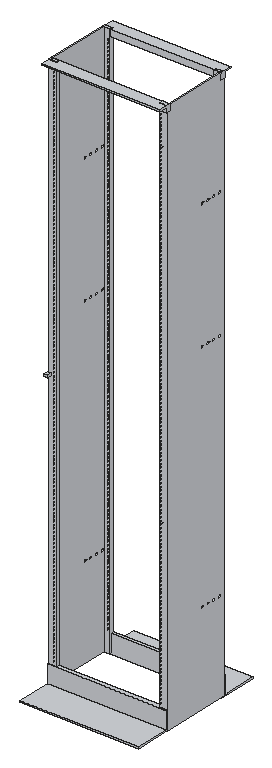
Revit family
Parameters
  Material ID = "760090167\r\n760090167"
  Description = "12 in (305 mm) Channel x 8ft (2438 mm) H - 19 in (482.6 mm) Steel Equipment Rack (52U) 3/8 Sq Punch, Black"
Reference planes (in)
  plane 1 "Center (Front/Back)": y = 0
  plane 2: z = 0
  plane 3 "Center (Left/Right)": x = 0
Forms (in)
  Extrusion 1, solid, not visible
    sketch origin (0, -14.305, 0) x (1, 0, 0) y (0, 0, 1)
      loop
        line (-8.5516, 0.86) -> (-8.5516, 0.46) -> (-7.9516, 0.46) -> (-7.9516, 0.86) -> (-8.5516, 0.86)
    from 0 to 0.77696
  Extrusion 2, solid
    sketch origin (0, 0, -0.75) x (1, 0, 0) y (0, 0, 1)
      loop
        line (-10.155, 48) -> (-10.155, -48) -> (10.155, -48) -> (10.155, 48) -> (0, 48) -> (-10.155, 48)
    from 0 to 12
  Extrusion 3, void
    sketch origin (0, 0, 0) x (1, 0, 0) y (0, 0, 1)
      loop
        line (-8.905, 52.735) -> (-8.905, -50.62) -> (8.905, -50.62) -> (8.905, 52.735) -> (-8.905, 52.735)
    from 0 to 36
  Extrusion 4, solid
    sketch origin (0, 0, 0) x (0, 1, 0) y (0, 0, 1)
      loop
        line (-11.5, -48.75) -> (-11.5, -45.55) -> (-12.2, -45.55) -> (-12.2, -48.55) -> (-18.2, -48.55) -> (-18.2, -48.75) -> (-11.5, -48.75)
      loop
        line (-11.5, 47.25) -> (-13.575, 47.25) -> (-13.575, 47.05) -> (-12.2, 47.05) -> (-12.2, 46.19396) -> (-11.5, 46.19396) -> (-11.5, 47.25)
      loop
        line (-0.65329, 47.25) -> (-0.65329, 46.19396) -> (0.2, 46.19396) -> (0.2, 47.05) -> (1.575, 47.05) -> (1.575, 47.25) -> (-0.65329, 47.25)
      loop
        line (-0.39397, -48.75) -> (6.2, -48.75) -> (6.2, -48.55) -> (0.2, -48.55) -> (0.2, -45.55) -> (-0.39397, -45.55) -> (-0.39397, -48.75)
    from -10.155 to 10.155
  Extrusion 5, void
    sketch origin (0, 0, 0) x (0, 1, 0) y (0, 0, 1)
      loop
        circle (-3.375, -33) r 0.335
      loop
        circle (-4.625, -33) r 0.335
      loop
        circle (-3.375, 7) r 0.335
      loop
        circle (-4.625, 7) r 0.335
      loop
        circle (-3.375, 29) r 0.335
      loop
        circle (-4.625, 29) r 0.335
      loop
        circle (-0.875, -33) r 0.335
      loop
        circle (-2.125, -33) r 0.335
      loop
        circle (-0.875, 7) r 0.335
      loop
        circle (-2.125, 7) r 0.335
      loop
        circle (-0.875, 29) r 0.335
      loop
        circle (-2.125, 29) r 0.335
    from -24.88707 to 25.18322
  Extrusion 6, void
    sketch origin (0, 0, -96.25) x (1, 0, 0) y (0, 0, 1)
      loop
        line (-9.26547, 51.35423) -> (-9.26547, 51.17583) -> (-9.08559, 51.17583) -> (-9.08559, 51.35423) -> (-9.26547, 51.35423)
      loop
        line (-9.26547, 51.98423) -> (-9.26547, 51.80583) -> (-9.08559, 51.80583) -> (-9.08559, 51.98423) -> (-9.26547, 51.98423)
      loop
        line (-9.26547, 52.61423) -> (-9.26547, 52.43583) -> (-9.08559, 52.43583) -> (-9.08559, 52.61423) -> (-9.26547, 52.61423)
      loop
        line (9.08434, 51.35423) -> (9.08434, 51.17583) -> (9.26422, 51.17583) -> (9.26422, 51.35423) -> (9.08434, 51.35423)
      loop
        line (9.08434, 51.98423) -> (9.08434, 51.80583) -> (9.26422, 51.80583) -> (9.26422, 51.98423) -> (9.08434, 51.98423)
      loop
        line (9.08434, 52.61423) -> (9.08434, 52.43583) -> (9.26422, 52.43583) -> (9.26422, 52.61423) -> (9.08434, 52.61423)
    from 0 to 12
  Extrusion 7, void
    sketch origin (0, -12, 47.25) x (1, 0, 0) y (0, -1, 0)
      loop
        line (-9.92376, -11.5) -> (9.88674, -11.5) -> (9.88674, -0.5) -> (-9.92376, -0.5) -> (-9.92376, -11.5)
    from 0 to 103.50785
  Extrusion 8, void
    sketch origin (0, 0, -94.5) x (1, 0, 0) y (0, 0, 1)
      loop
        line (-9.26547, 51.35423) -> (-9.26547, 51.17583) -> (-9.08559, 51.17583) -> (-9.08559, 51.35423) -> (-9.26547, 51.35423)
      loop
        line (-9.26547, 51.98423) -> (-9.26547, 51.80583) -> (-9.08559, 51.80583) -> (-9.08559, 51.98423) -> (-9.26547, 51.98423)
      loop
        line (-9.26547, 52.61423) -> (-9.26547, 52.43583) -> (-9.08559, 52.43583) -> (-9.08559, 52.61423) -> (-9.26547, 52.61423)
      loop
        line (9.08434, 51.35423) -> (9.08434, 51.17583) -> (9.26422, 51.17583) -> (9.26422, 51.35423) -> (9.08434, 51.35423)
      loop
        line (9.08434, 51.98423) -> (9.08434, 51.80583) -> (9.26422, 51.80583) -> (9.26422, 51.98423) -> (9.08434, 51.98423)
      loop
        line (9.08434, 52.61423) -> (9.08434, 52.43583) -> (9.26422, 52.43583) -> (9.26422, 52.61423) -> (9.08434, 52.61423)
    from 0 to 12
  Extrusion 9, void
    sketch origin (0, 0, -92.75) x (1, 0, 0) y (0, 0, 1)
      loop
        line (-9.26547, 51.35423) -> (-9.26547, 51.17583) -> (-9.08559, 51.17583) -> (-9.08559, 51.35423) -> (-9.26547, 51.35423)
      loop
        line (-9.26547, 51.98423) -> (-9.26547, 51.80583) -> (-9.08559, 51.80583) -> (-9.08559, 51.98423) -> (-9.26547, 51.98423)
      loop
        line (-9.26547, 52.61423) -> (-9.26547, 52.43583) -> (-9.08559, 52.43583) -> (-9.08559, 52.61423) -> (-9.26547, 52.61423)
      loop
        line (9.08434, 51.35423) -> (9.08434, 51.17583) -> (9.26422, 51.17583) -> (9.26422, 51.35423) -> (9.08434, 51.35423)
      loop
        line (9.08434, 51.98423) -> (9.08434, 51.80583) -> (9.26422, 51.80583) -> (9.26422, 51.98423) -> (9.08434, 51.98423)
      loop
        line (9.08434, 52.61423) -> (9.08434, 52.43583) -> (9.26422, 52.43583) -> (9.26422, 52.61423) -> (9.08434, 52.61423)
    from 0 to 12
  Extrusion 10, void
    sketch origin (0, 0, -91) x (1, 0, 0) y (0, 0, 1)
      loop
        line (-9.26547, 51.35423) -> (-9.26547, 51.17583) -> (-9.08559, 51.17583) -> (-9.08559, 51.35423) -> (-9.26547, 51.35423)
      loop
        line (-9.26547, 51.98423) -> (-9.26547, 51.80583) -> (-9.08559, 51.80583) -> (-9.08559, 51.98423) -> (-9.26547, 51.98423)
      loop
        line (-9.26547, 52.61423) -> (-9.26547, 52.43583) -> (-9.08559, 52.43583) -> (-9.08559, 52.61423) -> (-9.26547, 52.61423)
      loop
        line (9.08434, 51.35423) -> (9.08434, 51.17583) -> (9.26422, 51.17583) -> (9.26422, 51.35423) -> (9.08434, 51.35423)
      loop
        line (9.08434, 51.98423) -> (9.08434, 51.80583) -> (9.26422, 51.80583) -> (9.26422, 51.98423) -> (9.08434, 51.98423)
      loop
        line (9.08434, 52.61423) -> (9.08434, 52.43583) -> (9.26422, 52.43583) -> (9.26422, 52.61423) -> (9.08434, 52.61423)
    from 0 to 12
  Extrusion 11, void
    sketch origin (0, 0, -89.25) x (1, 0, 0) y (0, 0, 1)
      loop
        line (-9.26547, 51.35423) -> (-9.26547, 51.17583) -> (-9.08559, 51.17583) -> (-9.08559, 51.35423) -> (-9.26547, 51.35423)
      loop
        line (-9.26547, 51.98423) -> (-9.26547, 51.80583) -> (-9.08559, 51.80583) -> (-9.08559, 51.98423) -> (-9.26547, 51.98423)
      loop
        line (-9.26547, 52.61423) -> (-9.26547, 52.43583) -> (-9.08559, 52.43583) -> (-9.08559, 52.61423) -> (-9.26547, 52.61423)
      loop
        line (9.08434, 51.35423) -> (9.08434, 51.17583) -> (9.26422, 51.17583) -> (9.26422, 51.35423) -> (9.08434, 51.35423)
      loop
        line (9.08434, 51.98423) -> (9.08434, 51.80583) -> (9.26422, 51.80583) -> (9.26422, 51.98423) -> (9.08434, 51.98423)
      loop
        line (9.08434, 52.61423) -> (9.08434, 52.43583) -> (9.26422, 52.43583) -> (9.26422, 52.61423) -> (9.08434, 52.61423)
    from 0 to 12
  Extrusion 12, void
    sketch origin (0, 0, -87.5) x (1, 0, 0) y (0, 0, 1)
      loop
        line (-9.26547, 51.35423) -> (-9.26547, 51.17583) -> (-9.08559, 51.17583) -> (-9.08559, 51.35423) -> (-9.26547, 51.35423)
      loop
        line (-9.26547, 51.98423) -> (-9.26547, 51.80583) -> (-9.08559, 51.80583) -> (-9.08559, 51.98423) -> (-9.26547, 51.98423)
      loop
        line (-9.26547, 52.61423) -> (-9.26547, 52.43583) -> (-9.08559, 52.43583) -> (-9.08559, 52.61423) -> (-9.26547, 52.61423)
      loop
        line (9.08434, 51.35423) -> (9.08434, 51.17583) -> (9.26422, 51.17583) -> (9.26422, 51.35423) -> (9.08434, 51.35423)
      loop
        line (9.08434, 51.98423) -> (9.08434, 51.80583) -> (9.26422, 51.80583) -> (9.26422, 51.98423) -> (9.08434, 51.98423)
      loop
        line (9.08434, 52.61423) -> (9.08434, 52.43583) -> (9.26422, 52.43583) -> (9.26422, 52.61423) -> (9.08434, 52.61423)
    from 0 to 12
  Extrusion 13, void
    sketch origin (0, 0, -85.75) x (1, 0, 0) y (0, 0, 1)
      loop
        line (-9.26547, 51.35423) -> (-9.26547, 51.17583) -> (-9.08559, 51.17583) -> (-9.08559, 51.35423) -> (-9.26547, 51.35423)
      loop
        line (-9.26547, 51.98423) -> (-9.26547, 51.80583) -> (-9.08559, 51.80583) -> (-9.08559, 51.98423) -> (-9.26547, 51.98423)
      loop
        line (-9.26547, 52.61423) -> (-9.26547, 52.43583) -> (-9.08559, 52.43583) -> (-9.08559, 52.61423) -> (-9.26547, 52.61423)
      loop
        line (9.08434, 51.35423) -> (9.08434, 51.17583) -> (9.26422, 51.17583) -> (9.26422, 51.35423) -> (9.08434, 51.35423)
      loop
        line (9.08434, 51.98423) -> (9.08434, 51.80583) -> (9.26422, 51.80583) -> (9.26422, 51.98423) -> (9.08434, 51.98423)
      loop
        line (9.08434, 52.61423) -> (9.08434, 52.43583) -> (9.26422, 52.43583) -> (9.26422, 52.61423) -> (9.08434, 52.61423)
    from 0 to 12
  Extrusion 14, void
    sketch origin (0, 0, -84) x (1, 0, 0) y (0, 0, 1)
      loop
        line (-9.26547, 51.35423) -> (-9.26547, 51.17583) -> (-9.08559, 51.17583) -> (-9.08559, 51.35423) -> (-9.26547, 51.35423)
      loop
        line (-9.26547, 51.98423) -> (-9.26547, 51.80583) -> (-9.08559, 51.80583) -> (-9.08559, 51.98423) -> (-9.26547, 51.98423)
      loop
        line (-9.26547, 52.61423) -> (-9.26547, 52.43583) -> (-9.08559, 52.43583) -> (-9.08559, 52.61423) -> (-9.26547, 52.61423)
      loop
        line (9.08434, 51.35423) -> (9.08434, 51.17583) -> (9.26422, 51.17583) -> (9.26422, 51.35423) -> (9.08434, 51.35423)
      loop
        line (9.08434, 51.98423) -> (9.08434, 51.80583) -> (9.26422, 51.80583) -> (9.26422, 51.98423) -> (9.08434, 51.98423)
      loop
        line (9.08434, 52.61423) -> (9.08434, 52.43583) -> (9.26422, 52.43583) -> (9.26422, 52.61423) -> (9.08434, 52.61423)
    from 0 to 12
  Extrusion 15, void
    sketch origin (0, 0, -82.25) x (1, 0, 0) y (0, 0, 1)
      loop
        line (-9.26547, 51.35423) -> (-9.26547, 51.17583) -> (-9.08559, 51.17583) -> (-9.08559, 51.35423) -> (-9.26547, 51.35423)
      loop
        line (-9.26547, 51.98423) -> (-9.26547, 51.80583) -> (-9.08559, 51.80583) -> (-9.08559, 51.98423) -> (-9.26547, 51.98423)
      loop
        line (-9.26547, 52.61423) -> (-9.26547, 52.43583) -> (-9.08559, 52.43583) -> (-9.08559, 52.61423) -> (-9.26547, 52.61423)
      loop
        line (9.08434, 51.35423) -> (9.08434, 51.17583) -> (9.26422, 51.17583) -> (9.26422, 51.35423) -> (9.08434, 51.35423)
      loop
        line (9.08434, 51.98423) -> (9.08434, 51.80583) -> (9.26422, 51.80583) -> (9.26422, 51.98423) -> (9.08434, 51.98423)
      loop
        line (9.08434, 52.61423) -> (9.08434, 52.43583) -> (9.26422, 52.43583) -> (9.26422, 52.61423) -> (9.08434, 52.61423)
    from 0 to 12
  Extrusion 16, void
    sketch origin (0, 0, -80.5) x (1, 0, 0) y (0, 0, 1)
      loop
        line (-9.26547, 51.35423) -> (-9.26547, 51.17583) -> (-9.08559, 51.17583) -> (-9.08559, 51.35423) -> (-9.26547, 51.35423)
      loop
        line (-9.26547, 51.98423) -> (-9.26547, 51.80583) -> (-9.08559, 51.80583) -> (-9.08559, 51.98423) -> (-9.26547, 51.98423)
      loop
        line (-9.26547, 52.61423) -> (-9.26547, 52.43583) -> (-9.08559, 52.43583) -> (-9.08559, 52.61423) -> (-9.26547, 52.61423)
      loop
        line (9.08434, 51.35423) -> (9.08434, 51.17583) -> (9.26422, 51.17583) -> (9.26422, 51.35423) -> (9.08434, 51.35423)
      loop
        line (9.08434, 51.98423) -> (9.08434, 51.80583) -> (9.26422, 51.80583) -> (9.26422, 51.98423) -> (9.08434, 51.98423)
      loop
        line (9.08434, 52.61423) -> (9.08434, 52.43583) -> (9.26422, 52.43583) -> (9.26422, 52.61423) -> (9.08434, 52.61423)
    from 0 to 12
  Extrusion 17, void
    sketch origin (0, 0, -78.75) x (1, 0, 0) y (0, 0, 1)
      loop
        line (-9.26547, 51.35423) -> (-9.26547, 51.17583) -> (-9.08559, 51.17583) -> (-9.08559, 51.35423) -> (-9.26547, 51.35423)
      loop
        line (-9.26547, 51.98423) -> (-9.26547, 51.80583) -> (-9.08559, 51.80583) -> (-9.08559, 51.98423) -> (-9.26547, 51.98423)
      loop
        line (-9.26547, 52.61423) -> (-9.26547, 52.43583) -> (-9.08559, 52.43583) -> (-9.08559, 52.61423) -> (-9.26547, 52.61423)
      loop
        line (9.08434, 51.35423) -> (9.08434, 51.17583) -> (9.26422, 51.17583) -> (9.26422, 51.35423) -> (9.08434, 51.35423)
      loop
        line (9.08434, 51.98423) -> (9.08434, 51.80583) -> (9.26422, 51.80583) -> (9.26422, 51.98423) -> (9.08434, 51.98423)
      loop
        line (9.08434, 52.61423) -> (9.08434, 52.43583) -> (9.26422, 52.43583) -> (9.26422, 52.61423) -> (9.08434, 52.61423)
    from 0 to 12
  Extrusion 18, void
    sketch origin (0, 0, -77) x (1, 0, 0) y (0, 0, 1)
      loop
        line (-9.26547, 51.35423) -> (-9.26547, 51.17583) -> (-9.08559, 51.17583) -> (-9.08559, 51.35423) -> (-9.26547, 51.35423)
      loop
        line (-9.26547, 51.98423) -> (-9.26547, 51.80583) -> (-9.08559, 51.80583) -> (-9.08559, 51.98423) -> (-9.26547, 51.98423)
      loop
        line (-9.26547, 52.61423) -> (-9.26547, 52.43583) -> (-9.08559, 52.43583) -> (-9.08559, 52.61423) -> (-9.26547, 52.61423)
      loop
        line (9.08434, 51.35423) -> (9.08434, 51.17583) -> (9.26422, 51.17583) -> (9.26422, 51.35423) -> (9.08434, 51.35423)
      loop
        line (9.08434, 51.98423) -> (9.08434, 51.80583) -> (9.26422, 51.80583) -> (9.26422, 51.98423) -> (9.08434, 51.98423)
      loop
        line (9.08434, 52.61423) -> (9.08434, 52.43583) -> (9.26422, 52.43583) -> (9.26422, 52.61423) -> (9.08434, 52.61423)
    from 0 to 12
  Extrusion 19, void
    sketch origin (0, 0, -75.25) x (1, 0, 0) y (0, 0, 1)
      loop
        line (-9.26547, 51.35423) -> (-9.26547, 51.17583) -> (-9.08559, 51.17583) -> (-9.08559, 51.35423) -> (-9.26547, 51.35423)
      loop
        line (-9.26547, 51.98423) -> (-9.26547, 51.80583) -> (-9.08559, 51.80583) -> (-9.08559, 51.98423) -> (-9.26547, 51.98423)
      loop
        line (-9.26547, 52.61423) -> (-9.26547, 52.43583) -> (-9.08559, 52.43583) -> (-9.08559, 52.61423) -> (-9.26547, 52.61423)
      loop
        line (9.08434, 51.35423) -> (9.08434, 51.17583) -> (9.26422, 51.17583) -> (9.26422, 51.35423) -> (9.08434, 51.35423)
      loop
        line (9.08434, 51.98423) -> (9.08434, 51.80583) -> (9.26422, 51.80583) -> (9.26422, 51.98423) -> (9.08434, 51.98423)
      loop
        line (9.08434, 52.61423) -> (9.08434, 52.43583) -> (9.26422, 52.43583) -> (9.26422, 52.61423) -> (9.08434, 52.61423)
    from 0 to 12
  Extrusion 20, void
    sketch origin (0, 0, -73.5) x (1, 0, 0) y (0, 0, 1)
      loop
        line (-9.26547, 51.35423) -> (-9.26547, 51.17583) -> (-9.08559, 51.17583) -> (-9.08559, 51.35423) -> (-9.26547, 51.35423)
      loop
        line (-9.26547, 51.98423) -> (-9.26547, 51.80583) -> (-9.08559, 51.80583) -> (-9.08559, 51.98423) -> (-9.26547, 51.98423)
      loop
        line (-9.26547, 52.61423) -> (-9.26547, 52.43583) -> (-9.08559, 52.43583) -> (-9.08559, 52.61423) -> (-9.26547, 52.61423)
      loop
        line (9.08434, 51.35423) -> (9.08434, 51.17583) -> (9.26422, 51.17583) -> (9.26422, 51.35423) -> (9.08434, 51.35423)
      loop
        line (9.08434, 51.98423) -> (9.08434, 51.80583) -> (9.26422, 51.80583) -> (9.26422, 51.98423) -> (9.08434, 51.98423)
      loop
        line (9.08434, 52.61423) -> (9.08434, 52.43583) -> (9.26422, 52.43583) -> (9.26422, 52.61423) -> (9.08434, 52.61423)
    from 0 to 12
  Extrusion 21, void
    sketch origin (0, 0, -71.75) x (1, 0, 0) y (0, 0, 1)
      loop
        line (-9.26547, 51.35423) -> (-9.26547, 51.17583) -> (-9.08559, 51.17583) -> (-9.08559, 51.35423) -> (-9.26547, 51.35423)
      loop
        line (-9.26547, 51.98423) -> (-9.26547, 51.80583) -> (-9.08559, 51.80583) -> (-9.08559, 51.98423) -> (-9.26547, 51.98423)
      loop
        line (-9.26547, 52.61423) -> (-9.26547, 52.43583) -> (-9.08559, 52.43583) -> (-9.08559, 52.61423) -> (-9.26547, 52.61423)
      loop
        line (9.08434, 51.35423) -> (9.08434, 51.17583) -> (9.26422, 51.17583) -> (9.26422, 51.35423) -> (9.08434, 51.35423)
      loop
        line (9.08434, 51.98423) -> (9.08434, 51.80583) -> (9.26422, 51.80583) -> (9.26422, 51.98423) -> (9.08434, 51.98423)
      loop
        line (9.08434, 52.61423) -> (9.08434, 52.43583) -> (9.26422, 52.43583) -> (9.26422, 52.61423) -> (9.08434, 52.61423)
    from 0 to 12
  Extrusion 22, void
    sketch origin (0, 0, -70) x (1, 0, 0) y (0, 0, 1)
      loop
        line (-9.26547, 51.35423) -> (-9.26547, 51.17583) -> (-9.08559, 51.17583) -> (-9.08559, 51.35423) -> (-9.26547, 51.35423)
      loop
        line (-9.26547, 51.98423) -> (-9.26547, 51.80583) -> (-9.08559, 51.80583) -> (-9.08559, 51.98423) -> (-9.26547, 51.98423)
      loop
        line (-9.26547, 52.61423) -> (-9.26547, 52.43583) -> (-9.08559, 52.43583) -> (-9.08559, 52.61423) -> (-9.26547, 52.61423)
      loop
        line (9.08434, 51.35423) -> (9.08434, 51.17583) -> (9.26422, 51.17583) -> (9.26422, 51.35423) -> (9.08434, 51.35423)
      loop
        line (9.08434, 51.98423) -> (9.08434, 51.80583) -> (9.26422, 51.80583) -> (9.26422, 51.98423) -> (9.08434, 51.98423)
      loop
        line (9.08434, 52.61423) -> (9.08434, 52.43583) -> (9.26422, 52.43583) -> (9.26422, 52.61423) -> (9.08434, 52.61423)
    from 0 to 12
  Extrusion 23, void
    sketch origin (0, 0, -68.25) x (1, 0, 0) y (0, 0, 1)
      loop
        line (-9.26547, 51.35423) -> (-9.26547, 51.17583) -> (-9.08559, 51.17583) -> (-9.08559, 51.35423) -> (-9.26547, 51.35423)
      loop
        line (-9.26547, 51.98423) -> (-9.26547, 51.80583) -> (-9.08559, 51.80583) -> (-9.08559, 51.98423) -> (-9.26547, 51.98423)
      loop
        line (-9.26547, 52.61423) -> (-9.26547, 52.43583) -> (-9.08559, 52.43583) -> (-9.08559, 52.61423) -> (-9.26547, 52.61423)
      loop
        line (9.08434, 51.35423) -> (9.08434, 51.17583) -> (9.26422, 51.17583) -> (9.26422, 51.35423) -> (9.08434, 51.35423)
      loop
        line (9.08434, 51.98423) -> (9.08434, 51.80583) -> (9.26422, 51.80583) -> (9.26422, 51.98423) -> (9.08434, 51.98423)
      loop
        line (9.08434, 52.61423) -> (9.08434, 52.43583) -> (9.26422, 52.43583) -> (9.26422, 52.61423) -> (9.08434, 52.61423)
    from 0 to 12
  Extrusion 24, void
    sketch origin (0, 0, -66.5) x (1, 0, 0) y (0, 0, 1)
      loop
        line (-9.26547, 51.35423) -> (-9.26547, 51.17583) -> (-9.08559, 51.17583) -> (-9.08559, 51.35423) -> (-9.26547, 51.35423)
      loop
        line (-9.26547, 51.98423) -> (-9.26547, 51.80583) -> (-9.08559, 51.80583) -> (-9.08559, 51.98423) -> (-9.26547, 51.98423)
      loop
        line (-9.26547, 52.61423) -> (-9.26547, 52.43583) -> (-9.08559, 52.43583) -> (-9.08559, 52.61423) -> (-9.26547, 52.61423)
      loop
        line (9.08434, 51.35423) -> (9.08434, 51.17583) -> (9.26422, 51.17583) -> (9.26422, 51.35423) -> (9.08434, 51.35423)
      loop
        line (9.08434, 51.98423) -> (9.08434, 51.80583) -> (9.26422, 51.80583) -> (9.26422, 51.98423) -> (9.08434, 51.98423)
      loop
        line (9.08434, 52.61423) -> (9.08434, 52.43583) -> (9.26422, 52.43583) -> (9.26422, 52.61423) -> (9.08434, 52.61423)
    from 0 to 12
  Extrusion 25, void
    sketch origin (0, 0, -64.75) x (1, 0, 0) y (0, 0, 1)
      loop
        line (-9.26547, 51.35423) -> (-9.26547, 51.17583) -> (-9.08559, 51.17583) -> (-9.08559, 51.35423) -> (-9.26547, 51.35423)
      loop
        line (-9.26547, 51.98423) -> (-9.26547, 51.80583) -> (-9.08559, 51.80583) -> (-9.08559, 51.98423) -> (-9.26547, 51.98423)
      loop
        line (-9.26547, 52.61423) -> (-9.26547, 52.43583) -> (-9.08559, 52.43583) -> (-9.08559, 52.61423) -> (-9.26547, 52.61423)
      loop
        line (9.08434, 51.35423) -> (9.08434, 51.17583) -> (9.26422, 51.17583) -> (9.26422, 51.35423) -> (9.08434, 51.35423)
      loop
        line (9.08434, 51.98423) -> (9.08434, 51.80583) -> (9.26422, 51.80583) -> (9.26422, 51.98423) -> (9.08434, 51.98423)
      loop
        line (9.08434, 52.61423) -> (9.08434, 52.43583) -> (9.26422, 52.43583) -> (9.26422, 52.61423) -> (9.08434, 52.61423)
    from 0 to 12
  Extrusion 26, void
    sketch origin (0, 0, -63) x (1, 0, 0) y (0, 0, 1)
      loop
        line (-9.26547, 51.35423) -> (-9.26547, 51.17583) -> (-9.08559, 51.17583) -> (-9.08559, 51.35423) -> (-9.26547, 51.35423)
      loop
        line (-9.26547, 51.98423) -> (-9.26547, 51.80583) -> (-9.08559, 51.80583) -> (-9.08559, 51.98423) -> (-9.26547, 51.98423)
      loop
        line (-9.26547, 52.61423) -> (-9.26547, 52.43583) -> (-9.08559, 52.43583) -> (-9.08559, 52.61423) -> (-9.26547, 52.61423)
      loop
        line (9.08434, 51.35423) -> (9.08434, 51.17583) -> (9.26422, 51.17583) -> (9.26422, 51.35423) -> (9.08434, 51.35423)
      loop
        line (9.08434, 51.98423) -> (9.08434, 51.80583) -> (9.26422, 51.80583) -> (9.26422, 51.98423) -> (9.08434, 51.98423)
      loop
        line (9.08434, 52.61423) -> (9.08434, 52.43583) -> (9.26422, 52.43583) -> (9.26422, 52.61423) -> (9.08434, 52.61423)
    from 0 to 12
  Extrusion 27, void
    sketch origin (0, 0, -61.25) x (1, 0, 0) y (0, 0, 1)
      loop
        line (-9.26547, 51.35423) -> (-9.26547, 51.17583) -> (-9.08559, 51.17583) -> (-9.08559, 51.35423) -> (-9.26547, 51.35423)
      loop
        line (-9.26547, 51.98423) -> (-9.26547, 51.80583) -> (-9.08559, 51.80583) -> (-9.08559, 51.98423) -> (-9.26547, 51.98423)
      loop
        line (-9.26547, 52.61423) -> (-9.26547, 52.43583) -> (-9.08559, 52.43583) -> (-9.08559, 52.61423) -> (-9.26547, 52.61423)
      loop
        line (9.08434, 51.35423) -> (9.08434, 51.17583) -> (9.26422, 51.17583) -> (9.26422, 51.35423) -> (9.08434, 51.35423)
      loop
        line (9.08434, 51.98423) -> (9.08434, 51.80583) -> (9.26422, 51.80583) -> (9.26422, 51.98423) -> (9.08434, 51.98423)
      loop
        line (9.08434, 52.61423) -> (9.08434, 52.43583) -> (9.26422, 52.43583) -> (9.26422, 52.61423) -> (9.08434, 52.61423)
    from 0 to 12
  Extrusion 28, void
    sketch origin (0, 0, -59.5) x (1, 0, 0) y (0, 0, 1)
      loop
        line (-9.26547, 51.35423) -> (-9.26547, 51.17583) -> (-9.08559, 51.17583) -> (-9.08559, 51.35423) -> (-9.26547, 51.35423)
      loop
        line (-9.26547, 51.98423) -> (-9.26547, 51.80583) -> (-9.08559, 51.80583) -> (-9.08559, 51.98423) -> (-9.26547, 51.98423)
      loop
        line (-9.26547, 52.61423) -> (-9.26547, 52.43583) -> (-9.08559, 52.43583) -> (-9.08559, 52.61423) -> (-9.26547, 52.61423)
      loop
        line (9.08434, 51.35423) -> (9.08434, 51.17583) -> (9.26422, 51.17583) -> (9.26422, 51.35423) -> (9.08434, 51.35423)
      loop
        line (9.08434, 51.98423) -> (9.08434, 51.80583) -> (9.26422, 51.80583) -> (9.26422, 51.98423) -> (9.08434, 51.98423)
      loop
        line (9.08434, 52.61423) -> (9.08434, 52.43583) -> (9.26422, 52.43583) -> (9.26422, 52.61423) -> (9.08434, 52.61423)
    from 0 to 12
  Extrusion 29, void
    sketch origin (0, 0, -57.75) x (1, 0, 0) y (0, 0, 1)
      loop
        line (-9.26547, 51.35423) -> (-9.26547, 51.17583) -> (-9.08559, 51.17583) -> (-9.08559, 51.35423) -> (-9.26547, 51.35423)
      loop
        line (-9.26547, 51.98423) -> (-9.26547, 51.80583) -> (-9.08559, 51.80583) -> (-9.08559, 51.98423) -> (-9.26547, 51.98423)
      loop
        line (-9.26547, 52.61423) -> (-9.26547, 52.43583) -> (-9.08559, 52.43583) -> (-9.08559, 52.61423) -> (-9.26547, 52.61423)
      loop
        line (9.08434, 51.35423) -> (9.08434, 51.17583) -> (9.26422, 51.17583) -> (9.26422, 51.35423) -> (9.08434, 51.35423)
      loop
        line (9.08434, 51.98423) -> (9.08434, 51.80583) -> (9.26422, 51.80583) -> (9.26422, 51.98423) -> (9.08434, 51.98423)
      loop
        line (9.08434, 52.61423) -> (9.08434, 52.43583) -> (9.26422, 52.43583) -> (9.26422, 52.61423) -> (9.08434, 52.61423)
    from 0 to 12
  Extrusion 30, void
    sketch origin (0, 0, -56) x (1, 0, 0) y (0, 0, 1)
      loop
        line (-9.26547, 51.35423) -> (-9.26547, 51.17583) -> (-9.08559, 51.17583) -> (-9.08559, 51.35423) -> (-9.26547, 51.35423)
      loop
        line (-9.26547, 51.98423) -> (-9.26547, 51.80583) -> (-9.08559, 51.80583) -> (-9.08559, 51.98423) -> (-9.26547, 51.98423)
      loop
        line (-9.26547, 52.61423) -> (-9.26547, 52.43583) -> (-9.08559, 52.43583) -> (-9.08559, 52.61423) -> (-9.26547, 52.61423)
      loop
        line (9.08434, 51.35423) -> (9.08434, 51.17583) -> (9.26422, 51.17583) -> (9.26422, 51.35423) -> (9.08434, 51.35423)
      loop
        line (9.08434, 51.98423) -> (9.08434, 51.80583) -> (9.26422, 51.80583) -> (9.26422, 51.98423) -> (9.08434, 51.98423)
      loop
        line (9.08434, 52.61423) -> (9.08434, 52.43583) -> (9.26422, 52.43583) -> (9.26422, 52.61423) -> (9.08434, 52.61423)
    from 0 to 12
  Extrusion 31, void
    sketch origin (0, 0, -54.25) x (1, 0, 0) y (0, 0, 1)
      loop
        line (-9.26547, 51.35423) -> (-9.26547, 51.17583) -> (-9.08559, 51.17583) -> (-9.08559, 51.35423) -> (-9.26547, 51.35423)
      loop
        line (-9.26547, 51.98423) -> (-9.26547, 51.80583) -> (-9.08559, 51.80583) -> (-9.08559, 51.98423) -> (-9.26547, 51.98423)
      loop
        line (-9.26547, 52.61423) -> (-9.26547, 52.43583) -> (-9.08559, 52.43583) -> (-9.08559, 52.61423) -> (-9.26547, 52.61423)
      loop
        line (9.08434, 51.35423) -> (9.08434, 51.17583) -> (9.26422, 51.17583) -> (9.26422, 51.35423) -> (9.08434, 51.35423)
      loop
        line (9.08434, 51.98423) -> (9.08434, 51.80583) -> (9.26422, 51.80583) -> (9.26422, 51.98423) -> (9.08434, 51.98423)
      loop
        line (9.08434, 52.61423) -> (9.08434, 52.43583) -> (9.26422, 52.43583) -> (9.26422, 52.61423) -> (9.08434, 52.61423)
    from 0 to 12
  Extrusion 32, void
    sketch origin (0, 0, -52.5) x (1, 0, 0) y (0, 0, 1)
      loop
        line (-9.26547, 51.35423) -> (-9.26547, 51.17583) -> (-9.08559, 51.17583) -> (-9.08559, 51.35423) -> (-9.26547, 51.35423)
      loop
        line (-9.26547, 51.98423) -> (-9.26547, 51.80583) -> (-9.08559, 51.80583) -> (-9.08559, 51.98423) -> (-9.26547, 51.98423)
      loop
        line (-9.26547, 52.61423) -> (-9.26547, 52.43583) -> (-9.08559, 52.43583) -> (-9.08559, 52.61423) -> (-9.26547, 52.61423)
      loop
        line (9.08434, 51.35423) -> (9.08434, 51.17583) -> (9.26422, 51.17583) -> (9.26422, 51.35423) -> (9.08434, 51.35423)
      loop
        line (9.08434, 51.98423) -> (9.08434, 51.80583) -> (9.26422, 51.80583) -> (9.26422, 51.98423) -> (9.08434, 51.98423)
      loop
        line (9.08434, 52.61423) -> (9.08434, 52.43583) -> (9.26422, 52.43583) -> (9.26422, 52.61423) -> (9.08434, 52.61423)
    from 0 to 12
  Extrusion 33, void
    sketch origin (0, 0, -50.75) x (1, 0, 0) y (0, 0, 1)
      loop
        line (-9.26547, 51.35423) -> (-9.26547, 51.17583) -> (-9.08559, 51.17583) -> (-9.08559, 51.35423) -> (-9.26547, 51.35423)
      loop
        line (-9.26547, 51.98423) -> (-9.26547, 51.80583) -> (-9.08559, 51.80583) -> (-9.08559, 51.98423) -> (-9.26547, 51.98423)
      loop
        line (-9.26547, 52.61423) -> (-9.26547, 52.43583) -> (-9.08559, 52.43583) -> (-9.08559, 52.61423) -> (-9.26547, 52.61423)
      loop
        line (9.08434, 51.35423) -> (9.08434, 51.17583) -> (9.26422, 51.17583) -> (9.26422, 51.35423) -> (9.08434, 51.35423)
      loop
        line (9.08434, 51.98423) -> (9.08434, 51.80583) -> (9.26422, 51.80583) -> (9.26422, 51.98423) -> (9.08434, 51.98423)
      loop
        line (9.08434, 52.61423) -> (9.08434, 52.43583) -> (9.26422, 52.43583) -> (9.26422, 52.61423) -> (9.08434, 52.61423)
    from 0 to 12
  Extrusion 34, void
    sketch origin (0, 0, -49) x (1, 0, 0) y (0, 0, 1)
      loop
        line (-9.26547, 51.35423) -> (-9.26547, 51.17583) -> (-9.08559, 51.17583) -> (-9.08559, 51.35423) -> (-9.26547, 51.35423)
      loop
        line (-9.26547, 51.98423) -> (-9.26547, 51.80583) -> (-9.08559, 51.80583) -> (-9.08559, 51.98423) -> (-9.26547, 51.98423)
      loop
        line (-9.26547, 52.61423) -> (-9.26547, 52.43583) -> (-9.08559, 52.43583) -> (-9.08559, 52.61423) -> (-9.26547, 52.61423)
      loop
        line (9.08434, 51.35423) -> (9.08434, 51.17583) -> (9.26422, 51.17583) -> (9.26422, 51.35423) -> (9.08434, 51.35423)
      loop
        line (9.08434, 51.98423) -> (9.08434, 51.80583) -> (9.26422, 51.80583) -> (9.26422, 51.98423) -> (9.08434, 51.98423)
      loop
        line (9.08434, 52.61423) -> (9.08434, 52.43583) -> (9.26422, 52.43583) -> (9.26422, 52.61423) -> (9.08434, 52.61423)
    from 0 to 12
  Extrusion 35, void
    sketch origin (0, 0, -47.25) x (1, 0, 0) y (0, 0, 1)
      loop
        line (-9.26547, 51.35423) -> (-9.26547, 51.17583) -> (-9.08559, 51.17583) -> (-9.08559, 51.35423) -> (-9.26547, 51.35423)
      loop
        line (-9.26547, 51.98423) -> (-9.26547, 51.80583) -> (-9.08559, 51.80583) -> (-9.08559, 51.98423) -> (-9.26547, 51.98423)
      loop
        line (-9.26547, 52.61423) -> (-9.26547, 52.43583) -> (-9.08559, 52.43583) -> (-9.08559, 52.61423) -> (-9.26547, 52.61423)
      loop
        line (9.08434, 51.35423) -> (9.08434, 51.17583) -> (9.26422, 51.17583) -> (9.26422, 51.35423) -> (9.08434, 51.35423)
      loop
        line (9.08434, 51.98423) -> (9.08434, 51.80583) -> (9.26422, 51.80583) -> (9.26422, 51.98423) -> (9.08434, 51.98423)
      loop
        line (9.08434, 52.61423) -> (9.08434, 52.43583) -> (9.26422, 52.43583) -> (9.26422, 52.61423) -> (9.08434, 52.61423)
    from 0 to 12
  Extrusion 36, void
    sketch origin (0, 0, -45.5) x (1, 0, 0) y (0, 0, 1)
      loop
        line (-9.26547, 51.35423) -> (-9.26547, 51.17583) -> (-9.08559, 51.17583) -> (-9.08559, 51.35423) -> (-9.26547, 51.35423)
      loop
        line (-9.26547, 51.98423) -> (-9.26547, 51.80583) -> (-9.08559, 51.80583) -> (-9.08559, 51.98423) -> (-9.26547, 51.98423)
      loop
        line (-9.26547, 52.61423) -> (-9.26547, 52.43583) -> (-9.08559, 52.43583) -> (-9.08559, 52.61423) -> (-9.26547, 52.61423)
      loop
        line (9.08434, 51.35423) -> (9.08434, 51.17583) -> (9.26422, 51.17583) -> (9.26422, 51.35423) -> (9.08434, 51.35423)
      loop
        line (9.08434, 51.98423) -> (9.08434, 51.80583) -> (9.26422, 51.80583) -> (9.26422, 51.98423) -> (9.08434, 51.98423)
      loop
        line (9.08434, 52.61423) -> (9.08434, 52.43583) -> (9.26422, 52.43583) -> (9.26422, 52.61423) -> (9.08434, 52.61423)
    from 0 to 12
  Extrusion 37, void
    sketch origin (0, 0, -43.75) x (1, 0, 0) y (0, 0, 1)
      loop
        line (-9.26547, 51.35423) -> (-9.26547, 51.17583) -> (-9.08559, 51.17583) -> (-9.08559, 51.35423) -> (-9.26547, 51.35423)
      loop
        line (-9.26547, 51.98423) -> (-9.26547, 51.80583) -> (-9.08559, 51.80583) -> (-9.08559, 51.98423) -> (-9.26547, 51.98423)
      loop
        line (-9.26547, 52.61423) -> (-9.26547, 52.43583) -> (-9.08559, 52.43583) -> (-9.08559, 52.61423) -> (-9.26547, 52.61423)
      loop
        line (9.08434, 51.35423) -> (9.08434, 51.17583) -> (9.26422, 51.17583) -> (9.26422, 51.35423) -> (9.08434, 51.35423)
      loop
        line (9.08434, 51.98423) -> (9.08434, 51.80583) -> (9.26422, 51.80583) -> (9.26422, 51.98423) -> (9.08434, 51.98423)
      loop
        line (9.08434, 52.61423) -> (9.08434, 52.43583) -> (9.26422, 52.43583) -> (9.26422, 52.61423) -> (9.08434, 52.61423)
    from 0 to 12
  Extrusion 38, void
    sketch origin (0, 0, -42) x (1, 0, 0) y (0, 0, 1)
      loop
        line (-9.26547, 51.35423) -> (-9.26547, 51.17583) -> (-9.08559, 51.17583) -> (-9.08559, 51.35423) -> (-9.26547, 51.35423)
      loop
        line (-9.26547, 51.98423) -> (-9.26547, 51.80583) -> (-9.08559, 51.80583) -> (-9.08559, 51.98423) -> (-9.26547, 51.98423)
      loop
        line (-9.26547, 52.61423) -> (-9.26547, 52.43583) -> (-9.08559, 52.43583) -> (-9.08559, 52.61423) -> (-9.26547, 52.61423)
      loop
        line (9.08434, 51.35423) -> (9.08434, 51.17583) -> (9.26422, 51.17583) -> (9.26422, 51.35423) -> (9.08434, 51.35423)
      loop
        line (9.08434, 51.98423) -> (9.08434, 51.80583) -> (9.26422, 51.80583) -> (9.26422, 51.98423) -> (9.08434, 51.98423)
      loop
        line (9.08434, 52.61423) -> (9.08434, 52.43583) -> (9.26422, 52.43583) -> (9.26422, 52.61423) -> (9.08434, 52.61423)
    from 0 to 12
  Extrusion 39, void
    sketch origin (0, 0, -40.25) x (1, 0, 0) y (0, 0, 1)
      loop
        line (-9.26547, 51.35423) -> (-9.26547, 51.17583) -> (-9.08559, 51.17583) -> (-9.08559, 51.35423) -> (-9.26547, 51.35423)
      loop
        line (-9.26547, 51.98423) -> (-9.26547, 51.80583) -> (-9.08559, 51.80583) -> (-9.08559, 51.98423) -> (-9.26547, 51.98423)
      loop
        line (-9.26547, 52.61423) -> (-9.26547, 52.43583) -> (-9.08559, 52.43583) -> (-9.08559, 52.61423) -> (-9.26547, 52.61423)
      loop
        line (9.08434, 51.35423) -> (9.08434, 51.17583) -> (9.26422, 51.17583) -> (9.26422, 51.35423) -> (9.08434, 51.35423)
      loop
        line (9.08434, 51.98423) -> (9.08434, 51.80583) -> (9.26422, 51.80583) -> (9.26422, 51.98423) -> (9.08434, 51.98423)
      loop
        line (9.08434, 52.61423) -> (9.08434, 52.43583) -> (9.26422, 52.43583) -> (9.26422, 52.61423) -> (9.08434, 52.61423)
    from 0 to 12
  Extrusion 40, void
    sketch origin (0, 0, -38.5) x (1, 0, 0) y (0, 0, 1)
      loop
        line (-9.26547, 51.35423) -> (-9.26547, 51.17583) -> (-9.08559, 51.17583) -> (-9.08559, 51.35423) -> (-9.26547, 51.35423)
      loop
        line (-9.26547, 51.98423) -> (-9.26547, 51.80583) -> (-9.08559, 51.80583) -> (-9.08559, 51.98423) -> (-9.26547, 51.98423)
      loop
        line (-9.26547, 52.61423) -> (-9.26547, 52.43583) -> (-9.08559, 52.43583) -> (-9.08559, 52.61423) -> (-9.26547, 52.61423)
      loop
        line (9.08434, 51.35423) -> (9.08434, 51.17583) -> (9.26422, 51.17583) -> (9.26422, 51.35423) -> (9.08434, 51.35423)
      loop
        line (9.08434, 51.98423) -> (9.08434, 51.80583) -> (9.26422, 51.80583) -> (9.26422, 51.98423) -> (9.08434, 51.98423)
      loop
        line (9.08434, 52.61423) -> (9.08434, 52.43583) -> (9.26422, 52.43583) -> (9.26422, 52.61423) -> (9.08434, 52.61423)
    from 0 to 12
  Extrusion 41, void
    sketch origin (0, 0, -36.75) x (1, 0, 0) y (0, 0, 1)
      loop
        line (-9.26547, 51.35423) -> (-9.26547, 51.17583) -> (-9.08559, 51.17583) -> (-9.08559, 51.35423) -> (-9.26547, 51.35423)
      loop
        line (-9.26547, 51.98423) -> (-9.26547, 51.80583) -> (-9.08559, 51.80583) -> (-9.08559, 51.98423) -> (-9.26547, 51.98423)
      loop
        line (-9.26547, 52.61423) -> (-9.26547, 52.43583) -> (-9.08559, 52.43583) -> (-9.08559, 52.61423) -> (-9.26547, 52.61423)
      loop
        line (9.08434, 51.35423) -> (9.08434, 51.17583) -> (9.26422, 51.17583) -> (9.26422, 51.35423) -> (9.08434, 51.35423)
      loop
        line (9.08434, 51.98423) -> (9.08434, 51.80583) -> (9.26422, 51.80583) -> (9.26422, 51.98423) -> (9.08434, 51.98423)
      loop
        line (9.08434, 52.61423) -> (9.08434, 52.43583) -> (9.26422, 52.43583) -> (9.26422, 52.61423) -> (9.08434, 52.61423)
    from 0 to 12
  Extrusion 42, void
    sketch origin (0, 0, -35) x (1, 0, 0) y (0, 0, 1)
      loop
        line (-9.26547, 51.35423) -> (-9.26547, 51.17583) -> (-9.08559, 51.17583) -> (-9.08559, 51.35423) -> (-9.26547, 51.35423)
      loop
        line (-9.26547, 51.98423) -> (-9.26547, 51.80583) -> (-9.08559, 51.80583) -> (-9.08559, 51.98423) -> (-9.26547, 51.98423)
      loop
        line (-9.26547, 52.61423) -> (-9.26547, 52.43583) -> (-9.08559, 52.43583) -> (-9.08559, 52.61423) -> (-9.26547, 52.61423)
      loop
        line (9.08434, 51.35423) -> (9.08434, 51.17583) -> (9.26422, 51.17583) -> (9.26422, 51.35423) -> (9.08434, 51.35423)
      loop
        line (9.08434, 51.98423) -> (9.08434, 51.80583) -> (9.26422, 51.80583) -> (9.26422, 51.98423) -> (9.08434, 51.98423)
      loop
        line (9.08434, 52.61423) -> (9.08434, 52.43583) -> (9.26422, 52.43583) -> (9.26422, 52.61423) -> (9.08434, 52.61423)
    from 0 to 12
  Extrusion 43, void
    sketch origin (0, 0, -33.25) x (1, 0, 0) y (0, 0, 1)
      loop
        line (-9.26547, 51.35423) -> (-9.26547, 51.17583) -> (-9.08559, 51.17583) -> (-9.08559, 51.35423) -> (-9.26547, 51.35423)
      loop
        line (-9.26547, 51.98423) -> (-9.26547, 51.80583) -> (-9.08559, 51.80583) -> (-9.08559, 51.98423) -> (-9.26547, 51.98423)
      loop
        line (-9.26547, 52.61423) -> (-9.26547, 52.43583) -> (-9.08559, 52.43583) -> (-9.08559, 52.61423) -> (-9.26547, 52.61423)
      loop
        line (9.08434, 51.35423) -> (9.08434, 51.17583) -> (9.26422, 51.17583) -> (9.26422, 51.35423) -> (9.08434, 51.35423)
      loop
        line (9.08434, 51.98423) -> (9.08434, 51.80583) -> (9.26422, 51.80583) -> (9.26422, 51.98423) -> (9.08434, 51.98423)
      loop
        line (9.08434, 52.61423) -> (9.08434, 52.43583) -> (9.26422, 52.43583) -> (9.26422, 52.61423) -> (9.08434, 52.61423)
    from 0 to 12
  Extrusion 44, void
    sketch origin (0, 0, -31.5) x (1, 0, 0) y (0, 0, 1)
      loop
        line (-9.26547, 51.35423) -> (-9.26547, 51.17583) -> (-9.08559, 51.17583) -> (-9.08559, 51.35423) -> (-9.26547, 51.35423)
      loop
        line (-9.26547, 51.98423) -> (-9.26547, 51.80583) -> (-9.08559, 51.80583) -> (-9.08559, 51.98423) -> (-9.26547, 51.98423)
      loop
        line (-9.26547, 52.61423) -> (-9.26547, 52.43583) -> (-9.08559, 52.43583) -> (-9.08559, 52.61423) -> (-9.26547, 52.61423)
      loop
        line (9.08434, 51.35423) -> (9.08434, 51.17583) -> (9.26422, 51.17583) -> (9.26422, 51.35423) -> (9.08434, 51.35423)
      loop
        line (9.08434, 51.98423) -> (9.08434, 51.80583) -> (9.26422, 51.80583) -> (9.26422, 51.98423) -> (9.08434, 51.98423)
      loop
        line (9.08434, 52.61423) -> (9.08434, 52.43583) -> (9.26422, 52.43583) -> (9.26422, 52.61423) -> (9.08434, 52.61423)
    from 0 to 12
  Extrusion 45, void
    sketch origin (0, 0, -29.75) x (1, 0, 0) y (0, 0, 1)
      loop
        line (-9.26547, 51.35423) -> (-9.26547, 51.17583) -> (-9.08559, 51.17583) -> (-9.08559, 51.35423) -> (-9.26547, 51.35423)
      loop
        line (-9.26547, 51.98423) -> (-9.26547, 51.80583) -> (-9.08559, 51.80583) -> (-9.08559, 51.98423) -> (-9.26547, 51.98423)
      loop
        line (-9.26547, 52.61423) -> (-9.26547, 52.43583) -> (-9.08559, 52.43583) -> (-9.08559, 52.61423) -> (-9.26547, 52.61423)
      loop
        line (9.08434, 51.35423) -> (9.08434, 51.17583) -> (9.26422, 51.17583) -> (9.26422, 51.35423) -> (9.08434, 51.35423)
      loop
        line (9.08434, 51.98423) -> (9.08434, 51.80583) -> (9.26422, 51.80583) -> (9.26422, 51.98423) -> (9.08434, 51.98423)
      loop
        line (9.08434, 52.61423) -> (9.08434, 52.43583) -> (9.26422, 52.43583) -> (9.26422, 52.61423) -> (9.08434, 52.61423)
    from 0 to 12
  Extrusion 46, void
    sketch origin (0, 0, -28) x (1, 0, 0) y (0, 0, 1)
      loop
        line (-9.26547, 51.35423) -> (-9.26547, 51.17583) -> (-9.08559, 51.17583) -> (-9.08559, 51.35423) -> (-9.26547, 51.35423)
      loop
        line (-9.26547, 51.98423) -> (-9.26547, 51.80583) -> (-9.08559, 51.80583) -> (-9.08559, 51.98423) -> (-9.26547, 51.98423)
      loop
        line (-9.26547, 52.61423) -> (-9.26547, 52.43583) -> (-9.08559, 52.43583) -> (-9.08559, 52.61423) -> (-9.26547, 52.61423)
      loop
        line (9.08434, 51.35423) -> (9.08434, 51.17583) -> (9.26422, 51.17583) -> (9.26422, 51.35423) -> (9.08434, 51.35423)
      loop
        line (9.08434, 51.98423) -> (9.08434, 51.80583) -> (9.26422, 51.80583) -> (9.26422, 51.98423) -> (9.08434, 51.98423)
      loop
        line (9.08434, 52.61423) -> (9.08434, 52.43583) -> (9.26422, 52.43583) -> (9.26422, 52.61423) -> (9.08434, 52.61423)
    from 0 to 12
  Extrusion 47, void
    sketch origin (0, 0, -26.25) x (1, 0, 0) y (0, 0, 1)
      loop
        line (-9.26547, 51.35423) -> (-9.26547, 51.17583) -> (-9.08559, 51.17583) -> (-9.08559, 51.35423) -> (-9.26547, 51.35423)
      loop
        line (-9.26547, 51.98423) -> (-9.26547, 51.80583) -> (-9.08559, 51.80583) -> (-9.08559, 51.98423) -> (-9.26547, 51.98423)
      loop
        line (-9.26547, 52.61423) -> (-9.26547, 52.43583) -> (-9.08559, 52.43583) -> (-9.08559, 52.61423) -> (-9.26547, 52.61423)
      loop
        line (9.08434, 51.35423) -> (9.08434, 51.17583) -> (9.26422, 51.17583) -> (9.26422, 51.35423) -> (9.08434, 51.35423)
      loop
        line (9.08434, 51.98423) -> (9.08434, 51.80583) -> (9.26422, 51.80583) -> (9.26422, 51.98423) -> (9.08434, 51.98423)
      loop
        line (9.08434, 52.61423) -> (9.08434, 52.43583) -> (9.26422, 52.43583) -> (9.26422, 52.61423) -> (9.08434, 52.61423)
    from 0 to 12
  Extrusion 48, void
    sketch origin (0, 0, -24.5) x (1, 0, 0) y (0, 0, 1)
      loop
        line (-9.26547, 51.35423) -> (-9.26547, 51.17583) -> (-9.08559, 51.17583) -> (-9.08559, 51.35423) -> (-9.26547, 51.35423)
      loop
        line (-9.26547, 51.98423) -> (-9.26547, 51.80583) -> (-9.08559, 51.80583) -> (-9.08559, 51.98423) -> (-9.26547, 51.98423)
      loop
        line (-9.26547, 52.61423) -> (-9.26547, 52.43583) -> (-9.08559, 52.43583) -> (-9.08559, 52.61423) -> (-9.26547, 52.61423)
      loop
        line (9.08434, 51.35423) -> (9.08434, 51.17583) -> (9.26422, 51.17583) -> (9.26422, 51.35423) -> (9.08434, 51.35423)
      loop
        line (9.08434, 51.98423) -> (9.08434, 51.80583) -> (9.26422, 51.80583) -> (9.26422, 51.98423) -> (9.08434, 51.98423)
      loop
        line (9.08434, 52.61423) -> (9.08434, 52.43583) -> (9.26422, 52.43583) -> (9.26422, 52.61423) -> (9.08434, 52.61423)
    from 0 to 12
  Extrusion 49, void
    sketch origin (0, 0, -22.75) x (1, 0, 0) y (0, 0, 1)
      loop
        line (-9.26547, 51.35423) -> (-9.26547, 51.17583) -> (-9.08559, 51.17583) -> (-9.08559, 51.35423) -> (-9.26547, 51.35423)
      loop
        line (-9.26547, 51.98423) -> (-9.26547, 51.80583) -> (-9.08559, 51.80583) -> (-9.08559, 51.98423) -> (-9.26547, 51.98423)
      loop
        line (-9.26547, 52.61423) -> (-9.26547, 52.43583) -> (-9.08559, 52.43583) -> (-9.08559, 52.61423) -> (-9.26547, 52.61423)
      loop
        line (9.08434, 51.35423) -> (9.08434, 51.17583) -> (9.26422, 51.17583) -> (9.26422, 51.35423) -> (9.08434, 51.35423)
      loop
        line (9.08434, 51.98423) -> (9.08434, 51.80583) -> (9.26422, 51.80583) -> (9.26422, 51.98423) -> (9.08434, 51.98423)
      loop
        line (9.08434, 52.61423) -> (9.08434, 52.43583) -> (9.26422, 52.43583) -> (9.26422, 52.61423) -> (9.08434, 52.61423)
    from 0 to 12
  Extrusion 50, void
    sketch origin (0, 0, -21) x (1, 0, 0) y (0, 0, 1)
      loop
        line (-9.26547, 51.35423) -> (-9.26547, 51.17583) -> (-9.08559, 51.17583) -> (-9.08559, 51.35423) -> (-9.26547, 51.35423)
      loop
        line (-9.26547, 51.98423) -> (-9.26547, 51.80583) -> (-9.08559, 51.80583) -> (-9.08559, 51.98423) -> (-9.26547, 51.98423)
      loop
        line (-9.26547, 52.61423) -> (-9.26547, 52.43583) -> (-9.08559, 52.43583) -> (-9.08559, 52.61423) -> (-9.26547, 52.61423)
      loop
        line (9.08434, 51.35423) -> (9.08434, 51.17583) -> (9.26422, 51.17583) -> (9.26422, 51.35423) -> (9.08434, 51.35423)
      loop
        line (9.08434, 51.98423) -> (9.08434, 51.80583) -> (9.26422, 51.80583) -> (9.26422, 51.98423) -> (9.08434, 51.98423)
      loop
        line (9.08434, 52.61423) -> (9.08434, 52.43583) -> (9.26422, 52.43583) -> (9.26422, 52.61423) -> (9.08434, 52.61423)
    from 0 to 12
  Extrusion 51, void
    sketch origin (0, 0, -19.25) x (1, 0, 0) y (0, 0, 1)
      loop
        line (-9.26547, 51.35423) -> (-9.26547, 51.17583) -> (-9.08559, 51.17583) -> (-9.08559, 51.35423) -> (-9.26547, 51.35423)
      loop
        line (-9.26547, 51.98423) -> (-9.26547, 51.80583) -> (-9.08559, 51.80583) -> (-9.08559, 51.98423) -> (-9.26547, 51.98423)
      loop
        line (-9.26547, 52.61423) -> (-9.26547, 52.43583) -> (-9.08559, 52.43583) -> (-9.08559, 52.61423) -> (-9.26547, 52.61423)
      loop
        line (9.08434, 51.35423) -> (9.08434, 51.17583) -> (9.26422, 51.17583) -> (9.26422, 51.35423) -> (9.08434, 51.35423)
      loop
        line (9.08434, 51.98423) -> (9.08434, 51.80583) -> (9.26422, 51.80583) -> (9.26422, 51.98423) -> (9.08434, 51.98423)
      loop
        line (9.08434, 52.61423) -> (9.08434, 52.43583) -> (9.26422, 52.43583) -> (9.26422, 52.61423) -> (9.08434, 52.61423)
    from 0 to 12
  Extrusion 52, void
    sketch origin (0, 0, -17.5) x (1, 0, 0) y (0, 0, 1)
      loop
        line (-9.26547, 51.35423) -> (-9.26547, 51.17583) -> (-9.08559, 51.17583) -> (-9.08559, 51.35423) -> (-9.26547, 51.35423)
      loop
        line (-9.26547, 51.98423) -> (-9.26547, 51.80583) -> (-9.08559, 51.80583) -> (-9.08559, 51.98423) -> (-9.26547, 51.98423)
      loop
        line (-9.26547, 52.61423) -> (-9.26547, 52.43583) -> (-9.08559, 52.43583) -> (-9.08559, 52.61423) -> (-9.26547, 52.61423)
      loop
        line (9.08434, 51.35423) -> (9.08434, 51.17583) -> (9.26422, 51.17583) -> (9.26422, 51.35423) -> (9.08434, 51.35423)
      loop
        line (9.08434, 51.98423) -> (9.08434, 51.80583) -> (9.26422, 51.80583) -> (9.26422, 51.98423) -> (9.08434, 51.98423)
      loop
        line (9.08434, 52.61423) -> (9.08434, 52.43583) -> (9.26422, 52.43583) -> (9.26422, 52.61423) -> (9.08434, 52.61423)
    from 0 to 12
  Extrusion 53, void
    sketch origin (0, 0, -15.75) x (1, 0, 0) y (0, 0, 1)
      loop
        line (-9.26547, 51.35423) -> (-9.26547, 51.17583) -> (-9.08559, 51.17583) -> (-9.08559, 51.35423) -> (-9.26547, 51.35423)
      loop
        line (-9.26547, 51.98423) -> (-9.26547, 51.80583) -> (-9.08559, 51.80583) -> (-9.08559, 51.98423) -> (-9.26547, 51.98423)
      loop
        line (-9.26547, 52.61423) -> (-9.26547, 52.43583) -> (-9.08559, 52.43583) -> (-9.08559, 52.61423) -> (-9.26547, 52.61423)
      loop
        line (9.08434, 51.35423) -> (9.08434, 51.17583) -> (9.26422, 51.17583) -> (9.26422, 51.35423) -> (9.08434, 51.35423)
      loop
        line (9.08434, 51.98423) -> (9.08434, 51.80583) -> (9.26422, 51.80583) -> (9.26422, 51.98423) -> (9.08434, 51.98423)
      loop
        line (9.08434, 52.61423) -> (9.08434, 52.43583) -> (9.26422, 52.43583) -> (9.26422, 52.61423) -> (9.08434, 52.61423)
    from 0 to 12
  Extrusion 54, void
    sketch origin (0, 0, -14) x (1, 0, 0) y (0, 0, 1)
      loop
        line (-9.26547, 51.35423) -> (-9.26547, 51.17583) -> (-9.08559, 51.17583) -> (-9.08559, 51.35423) -> (-9.26547, 51.35423)
      loop
        line (-9.26547, 51.98423) -> (-9.26547, 51.80583) -> (-9.08559, 51.80583) -> (-9.08559, 51.98423) -> (-9.26547, 51.98423)
      loop
        line (-9.26547, 52.61423) -> (-9.26547, 52.43583) -> (-9.08559, 52.43583) -> (-9.08559, 52.61423) -> (-9.26547, 52.61423)
      loop
        line (9.08434, 51.35423) -> (9.08434, 51.17583) -> (9.26422, 51.17583) -> (9.26422, 51.35423) -> (9.08434, 51.35423)
      loop
        line (9.08434, 51.98423) -> (9.08434, 51.80583) -> (9.26422, 51.80583) -> (9.26422, 51.98423) -> (9.08434, 51.98423)
      loop
        line (9.08434, 52.61423) -> (9.08434, 52.43583) -> (9.26422, 52.43583) -> (9.26422, 52.61423) -> (9.08434, 52.61423)
    from 0 to 12
  Extrusion 55, void
    sketch origin (0, 0, -12.25) x (1, 0, 0) y (0, 0, 1)
      loop
        line (-9.26547, 51.35423) -> (-9.26547, 51.17583) -> (-9.08559, 51.17583) -> (-9.08559, 51.35423) -> (-9.26547, 51.35423)
      loop
        line (-9.26547, 51.98423) -> (-9.26547, 51.80583) -> (-9.08559, 51.80583) -> (-9.08559, 51.98423) -> (-9.26547, 51.98423)
      loop
        line (-9.26547, 52.61423) -> (-9.26547, 52.43583) -> (-9.08559, 52.43583) -> (-9.08559, 52.61423) -> (-9.26547, 52.61423)
      loop
        line (9.08434, 51.35423) -> (9.08434, 51.17583) -> (9.26422, 51.17583) -> (9.26422, 51.35423) -> (9.08434, 51.35423)
      loop
        line (9.08434, 51.98423) -> (9.08434, 51.80583) -> (9.26422, 51.80583) -> (9.26422, 51.98423) -> (9.08434, 51.98423)
      loop
        line (9.08434, 52.61423) -> (9.08434, 52.43583) -> (9.26422, 52.43583) -> (9.26422, 52.61423) -> (9.08434, 52.61423)
    from 0 to 12
  Extrusion 56, void
    sketch origin (0, 0, -10.5) x (1, 0, 0) y (0, 0, 1)
      loop
        line (-9.26547, 51.35423) -> (-9.26547, 51.17583) -> (-9.08559, 51.17583) -> (-9.08559, 51.35423) -> (-9.26547, 51.35423)
      loop
        line (-9.26547, 51.98423) -> (-9.26547, 51.80583) -> (-9.08559, 51.80583) -> (-9.08559, 51.98423) -> (-9.26547, 51.98423)
      loop
        line (-9.26547, 52.61423) -> (-9.26547, 52.43583) -> (-9.08559, 52.43583) -> (-9.08559, 52.61423) -> (-9.26547, 52.61423)
      loop
        line (9.08434, 51.35423) -> (9.08434, 51.17583) -> (9.26422, 51.17583) -> (9.26422, 51.35423) -> (9.08434, 51.35423)
      loop
        line (9.08434, 51.98423) -> (9.08434, 51.80583) -> (9.26422, 51.80583) -> (9.26422, 51.98423) -> (9.08434, 51.98423)
      loop
        line (9.08434, 52.61423) -> (9.08434, 52.43583) -> (9.26422, 52.43583) -> (9.26422, 52.61423) -> (9.08434, 52.61423)
    from 0 to 12
  Extrusion 57, void
    sketch origin (0, 0, -8.75) x (1, 0, 0) y (0, 0, 1)
      loop
        line (-9.26547, 51.35423) -> (-9.26547, 51.17583) -> (-9.08559, 51.17583) -> (-9.08559, 51.35423) -> (-9.26547, 51.35423)
      loop
        line (-9.26547, 51.98423) -> (-9.26547, 51.80583) -> (-9.08559, 51.80583) -> (-9.08559, 51.98423) -> (-9.26547, 51.98423)
      loop
        line (-9.26547, 52.61423) -> (-9.26547, 52.43583) -> (-9.08559, 52.43583) -> (-9.08559, 52.61423) -> (-9.26547, 52.61423)
      loop
        line (9.08434, 51.35423) -> (9.08434, 51.17583) -> (9.26422, 51.17583) -> (9.26422, 51.35423) -> (9.08434, 51.35423)
      loop
        line (9.08434, 51.98423) -> (9.08434, 51.80583) -> (9.26422, 51.80583) -> (9.26422, 51.98423) -> (9.08434, 51.98423)
      loop
        line (9.08434, 52.61423) -> (9.08434, 52.43583) -> (9.26422, 52.43583) -> (9.26422, 52.61423) -> (9.08434, 52.61423)
    from 0 to 12
  Extrusion 58, void
    sketch origin (0, 0, -7) x (1, 0, 0) y (0, 0, 1)
      loop
        line (-9.26547, 51.35423) -> (-9.26547, 51.17583) -> (-9.08559, 51.17583) -> (-9.08559, 51.35423) -> (-9.26547, 51.35423)
      loop
        line (-9.26547, 51.98423) -> (-9.26547, 51.80583) -> (-9.08559, 51.80583) -> (-9.08559, 51.98423) -> (-9.26547, 51.98423)
      loop
        line (-9.26547, 52.61423) -> (-9.26547, 52.43583) -> (-9.08559, 52.43583) -> (-9.08559, 52.61423) -> (-9.26547, 52.61423)
      loop
        line (9.08434, 51.35423) -> (9.08434, 51.17583) -> (9.26422, 51.17583) -> (9.26422, 51.35423) -> (9.08434, 51.35423)
      loop
        line (9.08434, 51.98423) -> (9.08434, 51.80583) -> (9.26422, 51.80583) -> (9.26422, 51.98423) -> (9.08434, 51.98423)
      loop
        line (9.08434, 52.61423) -> (9.08434, 52.43583) -> (9.26422, 52.43583) -> (9.26422, 52.61423) -> (9.08434, 52.61423)
    from 0 to 12
Cuts and joins
  Extrusion 3, Extrusion 5, Extrusion 6, Extrusion 7, Extrusion 8, Extrusion 9, Extrusion 10, Extrusion 11, Extrusion 12, Extrusion 13, Extrusion 14, Extrusion 15, Extrusion 16, Extrusion 17, Extrusion 18, Extrusion 19, Extrusion 20, Extrusion 21, Extrusion 22, Extrusion 23, Extrusion 24, Extrusion 25, Extrusion 26, Extrusion 27, Extrusion 28, Extrusion 29, Extrusion 30, Extrusion 31, Extrusion 32, Extrusion 33, Extrusion 34, Extrusion 35, Extrusion 36, Extrusion 37, Extrusion 38, Extrusion 39, Extrusion 40, Extrusion 41, Extrusion 42, Extrusion 43, Extrusion 44, Extrusion 45, Extrusion 46, Extrusion 47, Extrusion 48, Extrusion 49, Extrusion 50, Extrusion 51, Extrusion 52, Extrusion 53, Extrusion 54, Extrusion 55, Extrusion 56, Extrusion 57, Extrusion 58 cuts Extrusion 2
  Extrusion 5, Extrusion 6, Extrusion 7, Extrusion 8, Extrusion 9, Extrusion 10, Extrusion 11, Extrusion 12, Extrusion 13, Extrusion 14, Extrusion 15, Extrusion 16, Extrusion 17, Extrusion 18, Extrusion 19, Extrusion 20, Extrusion 21, Extrusion 22, Extrusion 23, Extrusion 24, Extrusion 25, Extrusion 26, Extrusion 27, Extrusion 28, Extrusion 29, Extrusion 30, Extrusion 31, Extrusion 32, Extrusion 33, Extrusion 34, Extrusion 35, Extrusion 36, Extrusion 37, Extrusion 38, Extrusion 39, Extrusion 40, Extrusion 41, Extrusion 42, Extrusion 43, Extrusion 44, Extrusion 45, Extrusion 46, Extrusion 47, Extrusion 48, Extrusion 49, Extrusion 50, Extrusion 51, Extrusion 52, Extrusion 53, Extrusion 54, Extrusion 55, Extrusion 56, Extrusion 57, Extrusion 58 cuts Extrusion 4
Dimensions and locks (in)
  equal spacing: group 2, group 3, group 4, group 5, group 6, group 7, group 8, group 9, group 10, group 11, group 12, group 13, group 14, group 15, group 16, group 17, group 18, group 19, group 20, group 21, group 22, group 23, group 24, group 25, group 26, group 27, group 28, group 29, group 30, group 31, group 32, group 33, group 34, group 35, group 36, group 37, group 38, group 39, group 40, group 41, group 42, group 43, group 44, group 45, group 46, group 47, group 48, group 49, group 50, group 51, group 52, group 53  (x3)
